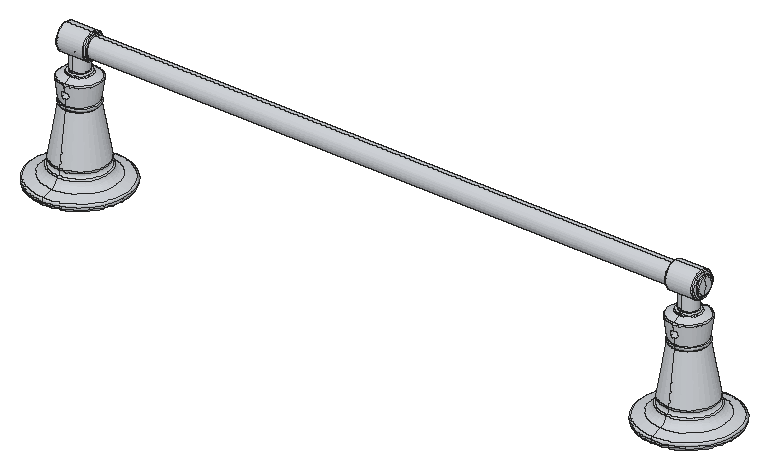
Revit family "Accessory-Towel_Bar-KOHLER-Archer-K-11050", category Specialty Equipment, host Face, Revit 2015
Parameters (values of type "CP-Polished Chrome")
  Width = 4 1/8"  # constant formula
  WaterSense Certified = 1 = 0  # no
  URL = "https://www.us.kohler.com/us/"
  Type = 1
  Product Page URL = "http://www.us.kohler.com/us/catalog/productDetails.jsp?productNumber=11050"
  Product Name = "Archer"  # constant formula
  Product Documentation Link = "https://www.us.kohler.com/webassets/kpna/catalog/pdf/en/K-11050_spec.pdf"
  Model = if(Type = 1, "K-11050-CP", if(Type = 2, "K-11050-BN", "NA"))  # "K-11050-CP"
  Material = "Premium Metal Construction"  # constant formula
  MasterFormat 2004 = "10.28.13"  # constant formula
  MasterFormat 1995 = "10820"  # constant formula
  Manufacturer Address = "444 Highland Dr, Kohler, WI 53044"  # constant formula
  Manufacturer = "KOHLER Co."  # constant formula
  Length = 20 3/4"  # constant formula
  Height = 2 3/4"  # constant formula
  Finish = Kohler-Metal-CP-Polished_Chrome
  Environmental Product Declaration = ""
  Description = "18 inch towel bar"  # constant formula
  Default Elevation = 42"
  Declare Label = ""
  Date Modified = "05/16/2019"  # constant formula
  Date Created = "05/16/2019"  # constant formula
  Copyright = "Copyright KOHLER Co."  # constant formula
  Contact Us = "https://www.us.kohler.com/us/static/contact.jsp"
  Assembly Code = "C1030200"
  ADA Compliant = 1 = 0  # no
Reference planes (in)
  plane 1 "Center (Front/Back)": y = 0
  plane 2: z = 0
  plane 3 "Center (Left/Right)": x = 0
  plane 4: x = -9
  plane 5: x = 9
  plane 6: y = 1.375
  plane 7: y = -1.375
  plane 8: x = -10.375
  plane 9: z = 3.74703
  plane 10: z = 4.125
  plane 11: x = -7.625
  plane 12: x = 10.375
  plane 13: x = 7.625
Dimensions and locks (in)
  equal spacing: plane 6, plane 1 "Center (Front/Back)", plane 7
  locked: plane 11 to plane 8 at 2.75
  locked: plane 12 to plane 13 at 2.75
  "Length": plane 8 to plane 12
  "Height": plane 6 to plane 7
  "Width": plane 10 to plane 2
  locked: plane 5 to plane 4 at 18
  aligned and locked: plane 2 to host face
  aligned and locked: level to host face
  aligned and locked: plane 5 to nested 1
Automatic sketch dimensions
  host sketch curve to host sketch curve = 96"  (x2)
Nested families (in)
  nested 1: "K-11050" at (0, 0, 0), type "K-11050"
Definition of nested family "K-11050"
  Parameters (values of type "K-11050")
    Width [instance] = 18"
    Material = none
  Reference planes (in)
    plane 1 "Center (Front/Back)": y = 0
    plane 2: z = 0
    plane 3 "Center (Left/Right)": x = 0
    plane 4 "A": x = -9
    plane 5: y = 1.375
    plane 6: y = -1.375
    plane 7: x = -10.375
    plane 8: x = -7.625
    plane 9: z = 4.125
    plane 10: z = 3.74703
    plane 11: x = -8.55522
    plane 12: x = 9
    plane 13: y = 0.29687
    plane 14: y = -0.29688
    plane 15: x = 10.375
    plane 16: x = 7.625
    plane 17: x = 8.55522
  Forms (in)
    Revolve 1, solid, material <- "Material", detail levels medium+fine
      sketch origin (-9, 0, 0) x (0, 1, 0) y (0, 0, 1)
        loop
          line (0, 3.70228) -> (-0.09479, 3.70228) -> (-0.09479, 3.49716) -> (-0.25004, 3.49716) -> (-0.25004, 3.03086)
          arc (-0.25004, 3.03086) -> (-0.24398, 3.01622) -> (-0.22934, 3.01016) r 0.0207
          line (-0.22934, 3.01016) -> (-0.28585, 3.01016)
          arc (-0.28585, 3.01016) -> (-0.31048, 2.99911) -> (-0.31859, 2.97336) r 0.03297
          arc (-0.31859, 2.97336) -> (-0.32295, 2.95237) -> (-0.33903, 2.93819) r 0.03392
          line (-0.33903, 2.93819) -> (-0.56211, 2.8435)
          arc (-0.56211, 2.8435) -> (-0.57586, 2.83122) -> (-0.5793, 2.81311) r 0.02868
          line (-0.5793, 2.81311) -> (-0.50051, 2.25249)
          arc (-0.50051, 2.25249) -> (-0.50285, 2.23336) -> (-0.51441, 2.21795) r 0.03732
          arc (-0.51441, 2.21795) -> (-0.529, 2.18778) -> (-0.51414, 2.15774) r 0.03815
          arc (-0.51414, 2.15774) -> (-0.50392, 2.14406) -> (-0.50226, 2.12708) r 0.03175
          line (-0.50226, 2.12708) -> (-0.75524, 0.69233)
          arc (-0.75524, 0.69233) -> (-0.75461, 0.67479) -> (-0.74684, 0.65904) r 0.04193
          arc (-0.74684, 0.65904) -> (-0.72637, 0.57462) -> (-0.7772, 0.50418) r 0.10386
          arc (-0.7772, 0.50418) -> (-0.79925, 0.50431) -> (-0.81335, 0.48735) r 0.02581
          arc (-0.81335, 0.48735) -> (-0.89129, 0.34652) -> (-1.0278, 0.26123) r 0.32097
          line (-1.0278, 0.26123) -> (-1.33626, 0.16413)
          arc (-1.33626, 0.16413) -> (-1.36785, 0.13912) -> (-1.37477, 0.09943) r 0.05652
          line (-1.37477, 0.09943) -> (-1.35998, 0.02338)
          arc (-1.35998, 0.02338) -> (-1.35, 0.0066) -> (-1.33163, 0) r 0.02889
          line (-1.33163, 0) -> (0, 0) -> (0, 3.70228)
        axis (0, 3.70228) -> (0, 0)
      angle from 0 to 360
    Revolve 2, void
      sketch origin (-9, 0, 0) x (0, 1, 0) y (0, 0, 1)
        loop
          line (-0.24647, 2.53048) -> (-0.24647, 2.64305) -> (-0.58909, 2.64305) -> (-0.58909, 2.53048) -> (-0.24647, 2.53048)
        axis (-0.24647, 2.53048) -> (-0.58909, 2.53048)
      angle from 0 to 360
    Revolve 3, solid, material <- "Material", detail levels medium+fine
      sketch origin (0, 0, 0) x (1, 0, 0) y (0, 0, 1)
        loop
          arc (-9.37388, 4.125) -> (-9.39146, 4.12126) -> (-9.40601, 4.11069) r 0.04324
          line (-9.40601, 4.11069) -> (-9.42816, 4.08609)
          arc (-9.42816, 4.08609) -> (-9.43959, 4.06497) -> (-9.4401, 4.04097) r 0.05109
          arc (-9.4401, 4.04097) -> (-9.44345, 4.02158) -> (-9.45939, 4.01005) r 0.02608
          arc (-9.45939, 4.01005) -> (-9.47496, 4.00049) -> (-9.48203, 3.98365) r 0.02983
          arc (-9.48203, 3.98365) -> (-9.4896, 3.86545) -> (-9.49179, 3.74703) r 2.60877
          line (-9.49179, 3.74703) -> (-8.55522, 3.74703) -> (-8.55522, 4.05408)
          arc (-8.55522, 4.05408) -> (-8.55823, 4.0703) -> (-8.56684, 4.08436) r 0.04525
          line (-8.56684, 4.08436) -> (-8.59157, 4.11183)
          arc (-8.59157, 4.11183) -> (-8.60497, 4.12156) -> (-8.62116, 4.125) r 0.03981
          line (-8.62116, 4.125) -> (-9.37388, 4.125)
        axis (-9.49179, 3.74703) -> (-8.55522, 3.74703)
      angle from 0 to 360
    Revolve 4, solid, material <- "Material", detail levels coarse
      sketch origin (0, 0, 0) x (1, 0, 0) y (0, 0, 1)
        loop
          line (-9, 0) -> (-7.625, 0) -> (-7.625, 0.14499) -> (-8.2228, 0.50418) -> (-8.40494, 3.01016) -> (-8.75, 3.01016) -> (-8.75, 3.66981) -> (-9, 3.66981) -> (-9, 0)
        axis (-9, 3.66981) -> (-9, 0)
      angle from 0 to 360
    Extrusion 5, solid, material <- "Material", detail levels coarse
      sketch origin (0, 0, 0) x (0, 1, 0) y (0, 0, 1)
        loop
          circle (0, 3.74703) r 0.37921
      from -9.49665 to -8.551
    Revolve 6, solid, material <- "Material", detail levels medium+fine
      sketch origin (9, 0, 0) x (0, 1, 0) y (0, 0, -1)
        loop
          line (0, -3.70228) -> (0, 0) -> (-1.33163, 0)
          arc (-1.33163, 0) -> (-1.35, -0.0066) -> (-1.35998, -0.02338) r 0.02889
          line (-1.35998, -0.02338) -> (-1.37477, -0.09943)
          arc (-1.37477, -0.09943) -> (-1.36785, -0.13912) -> (-1.33626, -0.16413) r 0.05652
          line (-1.33626, -0.16413) -> (-1.0278, -0.26123)
          arc (-1.0278, -0.26123) -> (-0.89129, -0.34652) -> (-0.81335, -0.48735) r 0.32097
          arc (-0.81335, -0.48735) -> (-0.79925, -0.50431) -> (-0.7772, -0.50418) r 0.02581
          arc (-0.7772, -0.50418) -> (-0.72637, -0.57462) -> (-0.74684, -0.65904) r 0.10386
          arc (-0.74684, -0.65904) -> (-0.75461, -0.67479) -> (-0.75524, -0.69233) r 0.04193
          line (-0.75524, -0.69233) -> (-0.50226, -2.12708)
          arc (-0.50226, -2.12708) -> (-0.50392, -2.14406) -> (-0.51414, -2.15774) r 0.03175
          arc (-0.51414, -2.15774) -> (-0.529, -2.18778) -> (-0.51441, -2.21795) r 0.03815
          arc (-0.51441, -2.21795) -> (-0.50285, -2.23336) -> (-0.50051, -2.25249) r 0.03732
          line (-0.50051, -2.25249) -> (-0.5793, -2.81311)
          arc (-0.5793, -2.81311) -> (-0.57586, -2.83122) -> (-0.56211, -2.8435) r 0.02868
          line (-0.56211, -2.8435) -> (-0.33903, -2.93819)
          arc (-0.33903, -2.93819) -> (-0.32295, -2.95237) -> (-0.31859, -2.97336) r 0.03392
          arc (-0.31859, -2.97336) -> (-0.31048, -2.99911) -> (-0.28585, -3.01016) r 0.03297
          line (-0.28585, -3.01016) -> (-0.22934, -3.01016)
          arc (-0.22934, -3.01016) -> (-0.24398, -3.01622) -> (-0.25004, -3.03086) r 0.0207
          line (-0.25004, -3.03086) -> (-0.25004, -3.49716) -> (-0.09479, -3.49716) -> (-0.09479, -3.70228) -> (0, -3.70228)
        axis (0, -3.70228) -> (0, 0)
      angle from 0 to 360
    Revolve 7, void
      sketch origin (9, 0, 0) x (0, 1, 0) y (0, 0, -1)
        loop
          line (-0.24647, -2.53048) -> (-0.58909, -2.53048) -> (-0.58909, -2.64305) -> (-0.24647, -2.64305) -> (-0.24647, -2.53048)
        axis (-0.24647, -2.53048) -> (-0.58909, -2.53048)
      angle from 0 to 360
    Revolve 8, solid, material <- "Material", detail levels medium+fine
      sketch origin (0, 0, 0) x (-1, 0, 0) y (0, 0, 1)
        loop
          arc (-9.37388, 4.125) -> (-9.39146, 4.12126) -> (-9.40601, 4.11069) r 0.04324
          line (-9.40601, 4.11069) -> (-9.42816, 4.08609)
          arc (-9.42816, 4.08609) -> (-9.43959, 4.06497) -> (-9.4401, 4.04097) r 0.05109
          arc (-9.4401, 4.04097) -> (-9.44345, 4.02158) -> (-9.45939, 4.01005) r 0.02608
          arc (-9.45939, 4.01005) -> (-9.47496, 4.00049) -> (-9.48203, 3.98365) r 0.02983
          arc (-9.48203, 3.98365) -> (-9.4896, 3.86545) -> (-9.49179, 3.74703) r 2.60877
          line (-9.49179, 3.74703) -> (-8.55522, 3.74703) -> (-8.55522, 4.05408)
          arc (-8.55522, 4.05408) -> (-8.55823, 4.0703) -> (-8.56684, 4.08436) r 0.04525
          line (-8.56684, 4.08436) -> (-8.59157, 4.11183)
          arc (-8.59157, 4.11183) -> (-8.60497, 4.12156) -> (-8.62116, 4.125) r 0.03981
          line (-8.62116, 4.125) -> (-9.37388, 4.125)
        axis (-9.49179, 3.74703) -> (-8.55522, 3.74703)
      angle from 0 to 360
    Revolve 9, solid, material <- "Material", detail levels coarse
      sketch origin (0, 0, 0) x (-1, 0, 0) y (0, 0, 1)
        loop
          line (-9, 0) -> (-7.625, 0) -> (-7.625, 0.14499) -> (-8.2228, 0.50418) -> (-8.40494, 3.01016) -> (-8.75, 3.01016) -> (-8.75, 3.66981) -> (-9, 3.66981) -> (-9, 0)
        axis (-9, 3.66981) -> (-9, 0)
      angle from 0 to 360
    Extrusion 10, solid, material <- "Material", detail levels coarse
      sketch origin (0, 0, 0) x (0, 1, 0) y (0, 0, -1)
        loop
          circle (0, -3.74703) r 0.37921
      from -9.49665 to -8.551
    Revolve 11, solid, material <- "Material"
      sketch origin (0.00007, 0, 0.00218) x (1, 0, 0) y (0, 0, 1)
        loop
          line (-9, 4.0424) -> (-9, 3.74703) -> (9, 3.74703) -> (9, 4.0424) -> (-9, 4.0424)
        axis (-9, 3.74703) -> (9, 3.74703)
      angle from 0 to 360
  Cuts and joins
    Revolve 2, Revolve 7 cuts Revolve 1
    Revolve 7 cuts Revolve 3
    joined: Revolve 1, Revolve 3
    Revolve 7 cuts Revolve 4
    Revolve 7 cuts Extrusion 5
    joined: Revolve 4, Extrusion 5
    Revolve 7 cuts Revolve 6
  Lines and regions (in)
    Masking region 1
      outline origin (9, 0, 0) x (0, 1, 0) y (0, 0, 1)
        loop
          line (-0.50226, 2.12708) -> (-0.7537, 0.70107)
          arc (-0.7537, 0.70107) -> (-0.75316, 0.67665) -> (-0.7433, 0.6543) r 0.0625
          arc (-0.7433, 0.6543) -> (-0.72698, 0.57173) -> (-0.7772, 0.50418) r 0.10386
          arc (-0.7772, 0.50418) -> (-0.80142, 0.49766) -> (-0.8161, 0.47733) r 0.03748
          arc (-0.8161, 0.47733) -> (-0.89489, 0.34278) -> (-1.0278, 0.26123) r 0.32097
          line (-1.0278, 0.26123) -> (-1.33933, 0.16316)
          arc (-1.33933, 0.16316) -> (-1.36236, 0.14497) -> (-1.375, 0.11848) r 0.06474
          line (-1.375, 0.11848) -> (-1.375, 0.08586) -> (-1.36194, 0.02338)
          arc (-1.36194, 0.02338) -> (-1.35195, 0.0066) -> (-1.33358, 0) r 0.02889
          line (-1.33358, 0) -> (1.33358, 0)
          arc (1.33358, 0) -> (1.35195, 0.0066) -> (1.36194, 0.02338) r 0.02889
          line (1.36194, 0.02338) -> (1.375, 0.08586) -> (1.375, 0.11848)
          arc (1.375, 0.11848) -> (1.35953, 0.14828) -> (1.33121, 0.16633) r 0.06474
          line (1.33121, 0.16633) -> (1.02798, 0.26179)
          arc (1.02798, 0.26179) -> (0.89555, 0.34284) -> (0.81667, 0.47657) r 0.32097
          arc (0.81667, 0.47657) -> (0.80158, 0.49748) -> (0.77676, 0.50444) r 0.03906
          arc (0.77676, 0.50444) -> (0.72689, 0.57215) -> (0.7435, 0.65459) r 0.10386
          arc (0.7435, 0.65459) -> (0.75325, 0.67652) -> (0.7538, 0.70052) r 0.06114
          line (0.7538, 0.70052) -> (0.50226, 2.12708)
          arc (0.50226, 2.12708) -> (0.50392, 2.14406) -> (0.51414, 2.15774) r 0.03175
          arc (0.51414, 2.15774) -> (0.529, 2.18778) -> (0.51441, 2.21795) r 0.03815
          arc (0.51441, 2.21795) -> (0.50285, 2.23336) -> (0.50051, 2.25249) r 0.03732
          line (0.50051, 2.25249) -> (0.5793, 2.81311)
          arc (0.5793, 2.81311) -> (0.57586, 2.83122) -> (0.56211, 2.8435) r 0.02868
          line (0.56211, 2.8435) -> (0.33903, 2.93819)
          arc (0.33903, 2.93819) -> (0.32295, 2.95237) -> (0.31859, 2.97336) r 0.03392
          arc (0.31859, 2.97336) -> (0.31048, 2.99911) -> (0.28585, 3.01016) r 0.03297
          line (0.28585, 3.01016) -> (0.22934, 3.01016)
          arc (0.22934, 3.01016) -> (0.24398, 3.01622) -> (0.25004, 3.03086) r 0.0207
          line (0.25004, 3.03086) -> (0.25004, 3.46235)
          arc (0.25004, 3.46235) -> (-0.0001, 4.12537) -> (-0.25004, 3.46227) r 0.37868
          line (-0.25004, 3.46227) -> (-0.25004, 3.03086)
          arc (-0.25004, 3.03086) -> (-0.24398, 3.01622) -> (-0.22934, 3.01016) r 0.0207
          line (-0.22934, 3.01016) -> (-0.28585, 3.01016)
          arc (-0.28585, 3.01016) -> (-0.31048, 2.99911) -> (-0.31859, 2.97336) r 0.03297
          arc (-0.31859, 2.97336) -> (-0.32295, 2.95237) -> (-0.33903, 2.93819) r 0.03392
          line (-0.33903, 2.93819) -> (-0.56211, 2.8435)
          arc (-0.56211, 2.8435) -> (-0.57586, 2.83122) -> (-0.5793, 2.81311) r 0.02868
          line (-0.5793, 2.81311) -> (-0.50051, 2.25249)
          arc (-0.50051, 2.25249) -> (-0.50285, 2.23336) -> (-0.51441, 2.21795) r 0.03732
          arc (-0.51441, 2.21795) -> (-0.529, 2.18778) -> (-0.51414, 2.15774) r 0.03815
          arc (-0.51414, 2.15774) -> (-0.50392, 2.14406) -> (-0.50226, 2.12708) r 0.03175
    Masking region 2
      outline origin (0, 0, 0) x (1, 0, 0) y (0, 0, 1)
        loop
          arc (-8.49767, 2.12708) -> (-8.49601, 2.14406) -> (-8.48579, 2.15774) r 0.03175
          arc (-8.48579, 2.15774) -> (-8.47093, 2.18778) -> (-8.48552, 2.21795) r 0.03815
          arc (-8.48552, 2.21795) -> (-8.49708, 2.23336) -> (-8.49942, 2.25249) r 0.03732
          line (-8.49942, 2.25249) -> (-8.42063, 2.81311)
          arc (-8.42063, 2.81311) -> (-8.42407, 2.83122) -> (-8.43782, 2.8435) r 0.02868
          line (-8.43782, 2.8435) -> (-8.6609, 2.93819)
          arc (-8.6609, 2.93819) -> (-8.67697, 2.95237) -> (-8.68134, 2.97336) r 0.03392
          arc (-8.68134, 2.97336) -> (-8.68945, 2.99911) -> (-8.71408, 3.01016) r 0.03297
          line (-8.71408, 3.01016) -> (-8.77059, 3.01016)
          arc (-8.77059, 3.01016) -> (-8.75595, 3.01622) -> (-8.74989, 3.03086) r 0.0207
          line (-8.74989, 3.03086) -> (-8.74989, 3.36905) -> (-8.62116, 3.36905)
          arc (-8.62116, 3.36905) -> (-8.60497, 3.37249) -> (-8.59157, 3.38223) r 0.03981
          line (-8.59157, 3.38223) -> (-8.56684, 3.40969)
          arc (-8.56684, 3.40969) -> (-8.55645, 3.42951) -> (-8.55682, 3.45188) r 0.04525
          line (-8.55682, 3.45188) -> (8.55682, 3.45188)
          arc (8.55682, 3.45188) -> (8.55645, 3.42951) -> (8.56684, 3.40969) r 0.04525
          line (8.56684, 3.40969) -> (8.59157, 3.38223)
          arc (8.59157, 3.38223) -> (8.60497, 3.37249) -> (8.62116, 3.36905) r 0.03981
          line (8.62116, 3.36905) -> (8.74989, 3.36905) -> (8.74989, 3.03086)
          arc (8.74989, 3.03086) -> (8.75595, 3.01622) -> (8.77059, 3.01016) r 0.0207
          line (8.77059, 3.01016) -> (8.71408, 3.01016)
          arc (8.71408, 3.01016) -> (8.68945, 2.99911) -> (8.68134, 2.97336) r 0.03297
          arc (8.68134, 2.97336) -> (8.67697, 2.95237) -> (8.6609, 2.93819) r 0.03392
          line (8.6609, 2.93819) -> (8.43782, 2.8435)
          arc (8.43782, 2.8435) -> (8.42407, 2.83122) -> (8.42063, 2.81311) r 0.02868
          line (8.42063, 2.81311) -> (8.49942, 2.25249)
          arc (8.49942, 2.25249) -> (8.49708, 2.23336) -> (8.48552, 2.21795) r 0.03732
          arc (8.48552, 2.21795) -> (8.47093, 2.18778) -> (8.48579, 2.15774) r 0.03815
          arc (8.48579, 2.15774) -> (8.49601, 2.14406) -> (8.49767, 2.12708) r 0.03175
          line (8.49767, 2.12708) -> (8.24623, 0.70107)
          arc (8.24623, 0.70107) -> (8.24677, 0.67665) -> (8.25663, 0.6543) r 0.0625
          arc (8.25663, 0.6543) -> (8.27294, 0.57173) -> (8.22273, 0.50418) r 0.10386
          arc (8.22273, 0.50418) -> (8.19884, 0.49874) -> (8.18431, 0.47901) r 0.03516
          arc (8.18431, 0.47901) -> (8.10565, 0.3434) -> (7.97213, 0.26123) r 0.32097
          line (7.97213, 0.26123) -> (7.6606, 0.16316)
          arc (7.6606, 0.16316) -> (7.63767, 0.1451) -> (7.625, 0.1188) r 0.06474
          line (7.625, 0.1188) -> (7.625, 0.08552) -> (7.63799, 0.02338)
          arc (7.63799, 0.02338) -> (7.64798, 0.0066) -> (7.66635, 0) r 0.02889
          line (7.66635, 0) -> (10.33351, 0)
          arc (10.33351, 0) -> (10.35188, 0.0066) -> (10.36186, 0.02338) r 0.02889
          line (10.36186, 0.02338) -> (10.375, 0.0862) -> (10.375, 0.11815)
          arc (10.375, 0.11815) -> (10.35957, 0.14816) -> (10.33114, 0.16633) r 0.06474
          line (10.33114, 0.16633) -> (10.02791, 0.26179)
          arc (10.02791, 0.26179) -> (9.89394, 0.34442) -> (9.81537, 0.48082) r 0.32097
          arc (9.81537, 0.48082) -> (9.80066, 0.50021) -> (9.77669, 0.50444) r 0.03333
          arc (9.77669, 0.50444) -> (9.72682, 0.57213) -> (9.74341, 0.65455) r 0.10386
          arc (9.74341, 0.65455) -> (9.75317, 0.67654) -> (9.75372, 0.70059) r 0.06132
          line (9.75372, 0.70059) -> (9.50219, 2.12708)
          arc (9.50219, 2.12708) -> (9.50385, 2.14406) -> (9.51407, 2.15774) r 0.03175
          arc (9.51407, 2.15774) -> (9.52892, 2.18778) -> (9.51434, 2.21795) r 0.03815
          arc (9.51434, 2.21795) -> (9.50278, 2.23336) -> (9.50044, 2.25249) r 0.03732
          line (9.50044, 2.25249) -> (9.57923, 2.81311)
          arc (9.57923, 2.81311) -> (9.57579, 2.83122) -> (9.56203, 2.8435) r 0.02868
          line (9.56203, 2.8435) -> (9.33896, 2.93819)
          arc (9.33896, 2.93819) -> (9.32288, 2.95237) -> (9.31852, 2.97336) r 0.03392
          arc (9.31852, 2.97336) -> (9.31041, 2.99911) -> (9.28578, 3.01016) r 0.03297
          line (9.28578, 3.01016) -> (9.22927, 3.01016)
          arc (9.22927, 3.01016) -> (9.24391, 3.01622) -> (9.24997, 3.03086) r 0.0207
          line (9.24997, 3.03086) -> (9.24997, 3.36905) -> (9.37388, 3.36905)
          arc (9.37388, 3.36905) -> (9.39146, 3.37279) -> (9.40601, 3.38336) r 0.04324
          line (9.40601, 3.38336) -> (9.42816, 3.40797)
          arc (9.42816, 3.40797) -> (9.43959, 3.42908) -> (9.4401, 3.45308) r 0.05109
          arc (9.4401, 3.45308) -> (9.44345, 3.47247) -> (9.45939, 3.484) r 0.02608
          arc (9.45939, 3.484) -> (9.47807, 3.49794) -> (9.48103, 3.52105) r 0.02983
          arc (9.48103, 3.52105) -> (9.49181, 3.75233) -> (9.48203, 3.98365) r 2.60877
          arc (9.48203, 3.98365) -> (9.47496, 4.00049) -> (9.45939, 4.01005) r 0.02983
          arc (9.45939, 4.01005) -> (9.44345, 4.02158) -> (9.4401, 4.04097) r 0.02608
          arc (9.4401, 4.04097) -> (9.43959, 4.06497) -> (9.42816, 4.08609) r 0.05109
          line (9.42816, 4.08609) -> (9.40601, 4.11069)
          arc (9.40601, 4.11069) -> (9.39146, 4.12126) -> (9.37388, 4.125) r 0.04324
          line (9.37388, 4.125) -> (8.62116, 4.125)
          arc (8.62116, 4.125) -> (8.60497, 4.12156) -> (8.59157, 4.11183) r 0.03981
          line (8.59157, 4.11183) -> (8.56684, 4.08436)
          arc (8.56684, 4.08436) -> (8.5573, 4.06765) -> (8.55557, 4.04849) r 0.04525
          line (8.55557, 4.04849) -> (-8.55557, 4.04849)
          arc (-8.55557, 4.04849) -> (-8.5573, 4.06765) -> (-8.56684, 4.08436) r 0.04525
          line (-8.56684, 4.08436) -> (-8.59157, 4.11183)
          arc (-8.59157, 4.11183) -> (-8.60497, 4.12156) -> (-8.62116, 4.125) r 0.03981
          line (-8.62116, 4.125) -> (-9.37388, 4.125)
          arc (-9.37388, 4.125) -> (-9.39146, 4.12126) -> (-9.40601, 4.11069) r 0.04324
          line (-9.40601, 4.11069) -> (-9.42816, 4.08609)
          arc (-9.42816, 4.08609) -> (-9.43959, 4.06497) -> (-9.4401, 4.04097) r 0.05109
          arc (-9.4401, 4.04097) -> (-9.44345, 4.02158) -> (-9.45939, 4.01005) r 0.02608
          arc (-9.45939, 4.01005) -> (-9.47496, 4.00049) -> (-9.48203, 3.98365) r 0.02983
          arc (-9.48203, 3.98365) -> (-9.49181, 3.75233) -> (-9.48103, 3.52105) r 2.60877
          arc (-9.48103, 3.52105) -> (-9.47807, 3.49794) -> (-9.45939, 3.484) r 0.02983
          arc (-9.45939, 3.484) -> (-9.44345, 3.47247) -> (-9.4401, 3.45308) r 0.02608
          arc (-9.4401, 3.45308) -> (-9.43959, 3.42908) -> (-9.42816, 3.40797) r 0.05109
          line (-9.42816, 3.40797) -> (-9.40601, 3.38336)
          arc (-9.40601, 3.38336) -> (-9.39146, 3.37279) -> (-9.37388, 3.36905) r 0.04324
          line (-9.37388, 3.36905) -> (-9.24997, 3.36905) -> (-9.24997, 3.03086)
          arc (-9.24997, 3.03086) -> (-9.24391, 3.01622) -> (-9.22927, 3.01016) r 0.0207
          line (-9.22927, 3.01016) -> (-9.28578, 3.01016)
          arc (-9.28578, 3.01016) -> (-9.31041, 2.99911) -> (-9.31852, 2.97336) r 0.03297
          arc (-9.31852, 2.97336) -> (-9.32288, 2.95237) -> (-9.33896, 2.93819) r 0.03392
          line (-9.33896, 2.93819) -> (-9.56203, 2.8435)
          arc (-9.56203, 2.8435) -> (-9.57579, 2.83122) -> (-9.57923, 2.81311) r 0.02868
          line (-9.57923, 2.81311) -> (-9.50044, 2.25249)
          arc (-9.50044, 2.25249) -> (-9.50278, 2.23336) -> (-9.51434, 2.21795) r 0.03732
          arc (-9.51434, 2.21795) -> (-9.52892, 2.18778) -> (-9.51407, 2.15774) r 0.03815
          arc (-9.51407, 2.15774) -> (-9.50385, 2.14406) -> (-9.50219, 2.12708) r 0.03175
          line (-9.50219, 2.12708) -> (-9.75372, 0.70059)
          arc (-9.75372, 0.70059) -> (-9.75317, 0.67654) -> (-9.74341, 0.65455) r 0.06132
          arc (-9.74341, 0.65455) -> (-9.72682, 0.57213) -> (-9.77669, 0.50444) r 0.10386
          arc (-9.77669, 0.50444) -> (-9.80066, 0.50021) -> (-9.81537, 0.48082) r 0.03333
          arc (-9.81537, 0.48082) -> (-9.89394, 0.34442) -> (-10.02791, 0.26179) r 0.32097
          line (-10.02791, 0.26179) -> (-10.33114, 0.16633)
          arc (-10.33114, 0.16633) -> (-10.35957, 0.14816) -> (-10.375, 0.11815) r 0.06474
          line (-10.375, 0.11815) -> (-10.375, 0.0862) -> (-10.36186, 0.02338)
          arc (-10.36186, 0.02338) -> (-10.35188, 0.0066) -> (-10.33351, 0) r 0.02889
          line (-10.33351, 0) -> (-7.66635, 0)
          arc (-7.66635, 0) -> (-7.64798, 0.0066) -> (-7.63799, 0.02338) r 0.02889
          line (-7.63799, 0.02338) -> (-7.625, 0.08552) -> (-7.625, 0.1188)
          arc (-7.625, 0.1188) -> (-7.63767, 0.1451) -> (-7.6606, 0.16316) r 0.06474
          line (-7.6606, 0.16316) -> (-7.97213, 0.26123)
          arc (-7.97213, 0.26123) -> (-8.10565, 0.3434) -> (-8.18431, 0.47901) r 0.32097
          arc (-8.18431, 0.47901) -> (-8.19884, 0.49874) -> (-8.22273, 0.50418) r 0.03516
          arc (-8.22273, 0.50418) -> (-8.27294, 0.57173) -> (-8.25663, 0.6543) r 0.10386
          arc (-8.25663, 0.6543) -> (-8.24677, 0.67665) -> (-8.24623, 0.70107) r 0.0625
          line (-8.24623, 0.70107) -> (-8.49767, 2.12708)
    Masking region 3
      outline origin (0, 0, 0) x (1, 0, 0) y (0, 1, 0)
        loop
          arc (-10.375, -0.09557) -> (-9.97462, -0.97462) -> (-9.09557, -1.375) r 1.37832
          line (-9.09557, -1.375) -> (-8.90443, -1.375)
          arc (-8.90443, -1.375) -> (-8.09995, -1.04387) -> (-7.65403, -0.29688) r 1.37832
          line (-7.65403, -0.29688) -> (7.65403, -0.29688)
          arc (7.65403, -0.29688) -> (8.09995, -1.04387) -> (8.90443, -1.375) r 1.37832
          line (8.90443, -1.375) -> (9.09557, -1.375)
          arc (9.09557, -1.375) -> (9.97462, -0.97462) -> (10.375, -0.09557) r 1.37832
          line (10.375, -0.09557) -> (10.375, 0.09557)
          arc (10.375, 0.09557) -> (9.97462, 0.97462) -> (9.09557, 1.375) r 1.37832
          line (9.09557, 1.375) -> (8.90443, 1.375)
          arc (8.90443, 1.375) -> (8.09995, 1.04387) -> (7.65403, 0.29687) r 1.37832
          line (7.65403, 0.29687) -> (-7.65403, 0.29687)
          arc (-7.65403, 0.29687) -> (-8.09995, 1.04387) -> (-8.90443, 1.375) r 1.37832
          line (-8.90443, 1.375) -> (-9.09557, 1.375)
          arc (-9.09557, 1.375) -> (-9.97462, 0.97462) -> (-10.375, 0.09557) r 1.37832
          line (-10.375, 0.09557) -> (-10.375, -0.09557)
    symbolic lines, detail levels medium+fine
      curve 1: arc (-9.24997, 0, 3.36905) -> (-8.99993, 0, 3.45383) -> (-8.74989, 0, 3.36905) r 0.41111
      curve 2: line (-9.22934, 0, 3.01016) -> (-8.77059, 0, 3.01016)
      curve 3: line (-9.77669, 0, 0.50444) -> (-8.22273, 0, 0.50418)
      curve 4: line (-9.74341, 0, 0.65455) -> (-8.25663, 0, 0.6543)
      curve 5: line (-9.56203, 0, 2.8435) -> (-8.43782, 0, 2.8435)
      curve 6: line (-9.51434, 0, 2.21795) -> (-8.48552, 0, 2.21795)
      curve 7: line (-9.51407, 0, 2.15774) -> (-8.48579, 0, 2.15774)
      curve 8: line (-10.33776, 0, 0.16343) -> (-7.66146, 0, 0.16343)
      curve 9: line (-9.44345, 0, 4.02158) -> (-9.44345, 0, 3.47247)
      curve 10: line (9, 0.22934, 3.01016) -> (9, -0.22934, 3.01016)
      curve 11: line (9, 0.51441, 2.21795) -> (9, -0.51441, 2.21795)
      curve 12: line (9, 0.51414, 2.15774) -> (9, -0.51414, 2.15774)
      curve 13: line (9, 0.7435, 0.65459) -> (9, -0.7433, 0.6543)
      curve 14: line (9, 0.77676, 0.50444) -> (9, -0.7772, 0.50418)
      curve 15: line (9, 1.33755, 0.16343) -> (9, -1.33847, 0.16343)
      curve 16: line (9, 0.56211, 2.8435) -> (9, -0.56211, 2.8435)
      curve 17: arc (9, 0.25004, 3.46194) -> (9, 0, 3.37185) -> (9, -0.25004, 3.46194) r 0.39205
      curve 18: circle (9, 0, 3.74703) r 0.26378 normal (-1, 0, 0)
      curve 19: circle (9, 0, 3.74703) r 0.29555 normal (-1, 0, 0)
      curve 20: line (-9.3751, 0.37794, 0) -> (-8.61863, 0.37794, 0)
      curve 21: line (-8.59464, 0.36751, 0) -> (-8.57073, 0.34187, 0)
      curve 22: line (-8.55515, 0.30232, 0) -> (-8.55515, -0.30232, 0)
      curve 23: line (-9.44154, 0.30308, 0) -> (-9.44154, 0.26535, 0)
      curve 24: arc (-9.48327, 0.23375, 0) -> (-9.49284, -0.00214, 0) -> (-9.48266, -0.238, 0) r 2.82238
      curve 25: arc (-9.44154, 0.26535, 0) -> (-9.46946, 0.25887, 0) -> (-9.48327, 0.23375, 0) r 0.03514
      curve 26: line (-9.42728, 0.34023, 0) -> (-9.40551, 0.3644, 0)
      curve 27: arc (-9.42728, 0.34023, 0) -> (-9.43785, 0.32298, 0) -> (-9.44154, 0.30308, 0) r 0.05552
      curve 28: arc (-9.40551, 0.3644, 0) -> (-9.39175, 0.3744, 0) -> (-9.3751, 0.37794, 0) r 0.04092
      curve 29: arc (-8.50271, 0.29687, 0) -> (-9.57916, 0, 0) -> (-8.50271, -0.29688, 0) r 0.57916
      curve 30: arc (-8.28173, 0.29687, 0) -> (-9.7772, 0, 0) -> (-8.28173, -0.29688, 0) r 0.7772
      curve 31: arc (-8.61863, 0.37794, 0) -> (-8.60555, 0.37522, 0) -> (-8.59464, 0.36751, 0) r 0.03281
      curve 32: arc (-8.57073, 0.34187, 0) -> (-8.55919, 0.32358, 0) -> (-8.55515, 0.30232, 0) r 0.05799
      curve 33: line (-9.3751, -0.37794, 0) -> (-8.61863, -0.37794, 0)
      curve 34: line (-8.59464, -0.36751, 0) -> (-8.57073, -0.34187, 0)
      curve 35: line (-9.44154, -0.30308, 0) -> (-9.44154, -0.26535, 0)
      curve 36: arc (-9.44154, -0.26535, 0) -> (-9.46771, -0.26011, 0) -> (-9.48266, -0.238, 0) r 0.03514
      curve 37: line (-9.42728, -0.34023, 0) -> (-9.40551, -0.3644, 0)
      curve 38: arc (-9.42728, -0.34023, 0) -> (-9.43785, -0.32298, 0) -> (-9.44154, -0.30308, 0) r 0.05552
      curve 39: arc (-9.40551, -0.3644, 0) -> (-9.39175, -0.3744, 0) -> (-9.3751, -0.37794, 0) r 0.04092
      curve 40: arc (-8.61863, -0.37794, 0) -> (-8.60555, -0.37522, 0) -> (-8.59464, -0.36751, 0) r 0.03281
      curve 41: arc (-8.57073, -0.34187, 0) -> (-8.55919, -0.32358, 0) -> (-8.55515, -0.30232, 0) r 0.05799
      curve 42: arc (-8.25109, 0.29687, 0) -> (-9.81471, 0, 0) -> (-8.25109, -0.29688, 0) r 0.80999
      curve 43: line (-9.44154, 0.26535, 0) -> (-9.44154, -0.26535, 0)
      curve 44: arc (9.24997, 0, 3.36905) -> (8.99993, 0, 3.45383) -> (8.74989, 0, 3.36905) r 0.41111
      curve 45: line (9.22934, 0, 3.01016) -> (8.77059, 0, 3.01016)
      curve 46: line (9.77669, 0, 0.50444) -> (8.22273, 0, 0.50418)
      curve 47: line (9.74341, 0, 0.65455) -> (8.25663, 0, 0.6543)
      curve 48: line (9.56203, 0, 2.8435) -> (8.43782, 0, 2.8435)
      curve 49: line (9.51434, 0, 2.21795) -> (8.48552, 0, 2.21795)
      curve 50: line (9.51407, 0, 2.15774) -> (8.48579, 0, 2.15774)
      curve 51: line (10.33776, 0, 0.16343) -> (7.66146, 0, 0.16343)
      curve 52: line (9.44345, 0, 4.02158) -> (9.44345, 0, 3.47247)
      curve 53: line (-8.55557, 0, 4.04849) -> (-8.55682, 0, 3.45188)
      curve 54: line (8.55557, 0, 4.04849) -> (8.55682, 0, 3.45188)
      curve 55: line (-7.65403, 0.29687, 0) -> (-8.55515, 0.29687, 0)
      curve 56: line (-7.65403, -0.29688, 0) -> (-8.55515, -0.29688, 0)
      curve 57: line (9.3751, 0.37794, 0) -> (8.61863, 0.37794, 0)
      curve 58: line (8.59464, 0.36751, 0) -> (8.57073, 0.34187, 0)
      curve 59: line (8.55515, 0.30232, 0) -> (8.55515, -0.30232, 0)
      curve 60: line (9.44154, 0.30308, 0) -> (9.44154, 0.26535, 0)
      curve 61: arc (9.48327, 0.23375, 0) -> (9.49284, -0.00214, 0) -> (9.48266, -0.238, 0) r 2.82238
      curve 62: arc (9.44154, 0.26535, 0) -> (9.46946, 0.25887, 0) -> (9.48327, 0.23375, 0) r 0.03514
      curve 63: line (9.42728, 0.34023, 0) -> (9.40551, 0.3644, 0)
      curve 64: arc (9.42728, 0.34023, 0) -> (9.43785, 0.32298, 0) -> (9.44154, 0.30308, 0) r 0.05552
      curve 65: arc (9.40551, 0.3644, 0) -> (9.39175, 0.3744, 0) -> (9.3751, 0.37794, 0) r 0.04092
      curve 66: arc (8.50271, 0.29688, 0) -> (9.57916, 0, 0) -> (8.50271, -0.29687, 0) r 0.57916
      curve 67: arc (8.61863, 0.37794, 0) -> (8.60555, 0.37522, 0) -> (8.59464, 0.36751, 0) r 0.03281
      curve 68: arc (8.57073, 0.34187, 0) -> (8.55919, 0.32358, 0) -> (8.55515, 0.30232, 0) r 0.05799
      curve 69: line (9.3751, -0.37794, 0) -> (8.61863, -0.37794, 0)
      curve 70: line (8.59464, -0.36751, 0) -> (8.57073, -0.34187, 0)
      curve 71: line (9.44154, -0.30308, 0) -> (9.44154, -0.26535, 0)
      curve 72: arc (9.44154, -0.26535, 0) -> (9.46771, -0.26011, 0) -> (9.48266, -0.238, 0) r 0.03514
      curve 73: line (9.42728, -0.34023, 0) -> (9.40551, -0.3644, 0)
      curve 74: arc (9.42728, -0.34023, 0) -> (9.43785, -0.32298, 0) -> (9.44154, -0.30308, 0) r 0.05552
      curve 75: arc (9.40551, -0.3644, 0) -> (9.39175, -0.3744, 0) -> (9.3751, -0.37794, 0) r 0.04092
      curve 76: arc (8.61863, -0.37794, 0) -> (8.60555, -0.37522, 0) -> (8.59464, -0.36751, 0) r 0.03281
      curve 77: arc (8.57073, -0.34187, 0) -> (8.55919, -0.32358, 0) -> (8.55515, -0.30232, 0) r 0.05799
      curve 78: line (9.44154, 0.26535, 0) -> (9.44154, -0.26535, 0)
      curve 79: line (7.65403, 0.29687, 0) -> (8.55515, 0.29687, 0)
      curve 80: line (7.65403, -0.29688, 0) -> (8.55515, -0.29688, 0)
      curve 81: arc (8.28173, 0.29688, 0) -> (9.7772, 0, 0) -> (8.28173, -0.29687, 0) r 0.7772
      curve 82: arc (8.25109, 0.29688, 0) -> (9.81471, 0, 0) -> (8.25109, -0.29687, 0) r 0.80999
  Dimensions and locks (in)
    plane 9 to plane 2 = 4 1/8"
    plane 4 "A" to plane 3 "Center (Left/Right)" = 9"
    "Width": plane 4 "A" to plane 12
    equal spacing: plane 4 "A", plane 3 "Center (Left/Right)", plane 12
    plane 1 "Center (Front/Back)" to plane 13 = 19/64"
    aligned and locked: plane 2 to level
  Automatic sketch dimensions
    Revolve 1 sketch curve to level = 0"
    Revolve 1 sketch curve to plane 1 "Center (Front/Back)" = 0"  (x2)
    Revolve 1 sketch curve to plane 10 = 0.04475"
    plane 1 "Center (Front/Back)" to Revolve 1 sketch curve = 0.09479"
    Revolve 1 sketch curve to plane 14 = 0.06753"
    Revolve 1 sketch curve to Revolve 1 sketch curve = 0.0207"  (x2)
    Revolve 1 sketch curve to plane 14 = 0.01103"
    plane 14 to Revolve 1 sketch curve = 0.04215"
    Revolve 1 sketch curve to Revolve 1 sketch curve = 0.01325"
    plane 14 to Revolve 1 sketch curve = 0.19397"
    Revolve 1 sketch curve to Revolve 1 sketch curve = 0.00967"
    Revolve 1 sketch curve to Revolve 1 sketch curve = 0.01142"
    Revolve 1 sketch curve to Revolve 1 sketch curve = 1/32"
    Revolve 1 sketch curve to Revolve 1 sketch curve = 0.03696"
    Revolve 1 sketch curve to Revolve 1 sketch curve = 0.21187"
    Revolve 1 sketch curve to Revolve 1 sketch curve = 0.01121"
    Revolve 1 sketch curve to Revolve 1 sketch curve = 0.0284"
    plane 14 to Revolve 1 sketch curve = 0.41708"
    Revolve 1 sketch curve to Revolve 1 sketch curve = 0.04129"
    Revolve 1 sketch curve to Revolve 1 sketch curve = 0.03311"
    Revolve 1 sketch curve to Revolve 1 sketch curve = 0.03993"
    Revolve 1 sketch curve to Revolve 1 sketch curve = 0.23944"
    Revolve 1 sketch curve to plane 6 = 0.25082"
    Revolve 1 sketch curve to plane 6 = 0.05571"
    Revolve 1 sketch curve to plane 6 = 0.04337"
    Revolve 1 sketch curve to plane 6 = 0.03874"
    Revolve 1 sketch curve to plane 6 = 0.01502"
    Revolve 1 sketch curve to plane 6 = 0.00023"
    level to Revolve 1 sketch curve = 0.02338"
    Revolve 1 sketch curve to Revolve 1 sketch curve = 0.07606"
    Revolve 1 sketch curve to Revolve 1 sketch curve = 0.01078"
    level to Revolve 1 sketch curve = 0.26123"
    Revolve 1 sketch curve to Revolve 1 sketch curve = 0.21969"
    Revolve 1 sketch curve to Revolve 1 sketch curve = 0.30616"
    Revolve 1 sketch curve to Revolve 1 sketch curve = 0.10726"
    Revolve 1 sketch curve to Revolve 1 sketch curve = 0.09044"
    Revolve 1 sketch curve to Revolve 1 sketch curve = 0.00728"
    Revolve 1 sketch curve to Revolve 1 sketch curve = 1.43475"
    Revolve 1 sketch curve to Revolve 1 sketch curve = 0.00551"
    Revolve 1 sketch curve to Revolve 1 sketch curve = 0.06087"
    Revolve 1 sketch curve to Revolve 1 sketch curve = 0.05935"
    Revolve 1 sketch curve to Revolve 1 sketch curve = 0.00519"
    Revolve 1 sketch curve to Revolve 1 sketch curve = 0.56062"
    Revolve 1 sketch curve to Revolve 1 sketch curve = 0.00399"
    Revolve 1 sketch curve to Revolve 1 sketch curve = 0.09469"
    Revolve 1 sketch curve to Revolve 1 sketch curve = 0.03122"
    Revolve 1 sketch curve to Revolve 1 sketch curve = 0.039"
    Revolve 1 sketch curve to Revolve 1 sketch curve = 0.03297"
    Revolve 1 sketch curve to plane 10 = 0.24987"
    Revolve 1 sketch curve to Revolve 1 sketch curve = 0"  (x5)
    Revolve 1 sketch curve to Revolve 1 sketch curve = 0.01116"
    plane 14 to Revolve 2 sketch curve = 0.29221"
    Revolve 2 sketch curve to plane 14 = 0.05041"
    Revolve 2 sketch curve to plane 10 = 1.21654"
    Revolve 2 sketch curve to Revolve 2 sketch curve = 0.11256"
    plane 14 to Revolve 2 sketch curve = 0.06831"
    plane 14 to Revolve 2 sketch curve = 0.01199"
    Revolve 2 sketch curve to Revolve 2 sketch curve = 0"
    Revolve 3 sketch curve to plane 10 = 0"  (x2)
    Revolve 3 sketch curve to plane 9 = 0"
    Revolve 3 sketch curve to plane 11 = 0"
    Revolve 3 sketch curve to plane 11 = 0.01162"
    Revolve 3 sketch curve to plane 9 = 0.01317"
    Revolve 3 sketch curve to plane 11 = 0.03635"
    Revolve 3 sketch curve to Revolve 3 sketch curve = 0.03363"
    Revolve 3 sketch curve to Revolve 3 sketch curve = 0.02069"
    Revolve 3 sketch curve to plane 9 = 0.04324"
    Revolve 3 sketch curve to plane 4 "A" = 0.37388"
    Revolve 3 sketch curve to Revolve 3 sketch curve = 0.01633"
    Revolve 3 sketch curve to plane 9 = 0.01431"
    Revolve 3 sketch curve to plane 9 = 0.03891"
    Revolve 3 sketch curve to Revolve 3 sketch curve = 0.02216"
    Revolve 3 sketch curve to Revolve 3 sketch curve = 0.06212"
    Revolve 3 sketch curve to Revolve 3 sketch curve = 0.01326"
    Revolve 3 sketch curve to Revolve 3 sketch curve = 0.03947"
    plane 10 to Revolve 3 sketch curve = 0.01096"
    Revolve 3 sketch curve to plane 8 = 0.74196"
    Revolve 3 sketch curve to Revolve 3 sketch curve = 0.10501"
    Revolve 3 sketch curve to Revolve 3 sketch curve = 0.05173"
    Revolve 3 sketch curve to Revolve 3 sketch curve = 0.02986"
    Revolve 3 sketch curve to Revolve 3 sketch curve = 0.05775"
    Revolve 3 sketch curve to plane 4 "A" = 0.09746"
    Revolve 3 sketch curve to Revolve 3 sketch curve = 0"  (x3)
    Revolve 4 sketch curve to level = 0"
    Revolve 4 sketch curve to plane 4 "A" = 0"  (x2)
    plane 8 to Revolve 4 sketch curve = 0"
    Revolve 4 sketch curve to plane 11 = 0.19478"
    plane 11 to Revolve 4 sketch curve = 0.15028"
    plane 11 to Revolve 4 sketch curve = 0.33242"
    Revolve 4 sketch curve to Revolve 4 sketch curve = 0.14499"
    level to Revolve 4 sketch curve = 0.50418"
    Revolve 4 sketch curve to plane 10 = 0.73686"
    Revolve 4 sketch curve to plane 10 = 0.07721"
    Revolve 4 sketch curve to Revolve 4 sketch curve = 0.24479"
    Revolve 4 sketch curve to Revolve 4 sketch curve = 0"
    Extrusion 5 sketch curve to plane 1 "Center (Front/Back)" = 0"
    Extrusion 5 sketch curve to plane 10 = 0"
    Revolve 6 sketch curve to level = 0"
    Revolve 6 sketch curve to plane 1 "Center (Front/Back)" = 0"  (x2)
    Revolve 6 sketch curve to plane 10 = 0.04475"
    plane 1 "Center (Front/Back)" to Revolve 6 sketch curve = 0.09479"
    Revolve 6 sketch curve to plane 14 = 0.06753"
    Revolve 6 sketch curve to Revolve 6 sketch curve = 0.0207"  (x2)
    Revolve 6 sketch curve to plane 14 = 0.01103"
    plane 14 to Revolve 6 sketch curve = 0.04215"
    Revolve 6 sketch curve to Revolve 6 sketch curve = 0.01325"
    plane 14 to Revolve 6 sketch curve = 0.19397"
    Revolve 6 sketch curve to Revolve 6 sketch curve = 0.00967"
    Revolve 6 sketch curve to Revolve 6 sketch curve = 0.01142"
    Revolve 6 sketch curve to Revolve 6 sketch curve = 1/32"
    Revolve 6 sketch curve to Revolve 6 sketch curve = 0.03696"
    Revolve 6 sketch curve to Revolve 6 sketch curve = 0.21187"
    Revolve 6 sketch curve to Revolve 6 sketch curve = 0.01121"
    Revolve 6 sketch curve to Revolve 6 sketch curve = 0.0284"
    plane 14 to Revolve 6 sketch curve = 0.41708"
    Revolve 6 sketch curve to Revolve 6 sketch curve = 0.04129"
    Revolve 6 sketch curve to Revolve 6 sketch curve = 0.03311"
    Revolve 6 sketch curve to Revolve 6 sketch curve = 0.03993"
    Revolve 6 sketch curve to Revolve 6 sketch curve = 0.23944"
    Revolve 6 sketch curve to plane 6 = 0.25082"
    Revolve 6 sketch curve to plane 6 = 0.05571"
    Revolve 6 sketch curve to plane 6 = 0.04337"
    Revolve 6 sketch curve to plane 6 = 0.03874"
    Revolve 6 sketch curve to plane 6 = 0.01502"
    Revolve 6 sketch curve to plane 6 = 0.00023"
    Revolve 6 sketch curve to plane 10 = 0.24987"
    Revolve 6 sketch curve to Revolve 6 sketch curve = 0.46629"
    Revolve 6 sketch curve to Revolve 6 sketch curve = 0.03297"
    Revolve 6 sketch curve to Revolve 6 sketch curve = 0.00778"
    Revolve 6 sketch curve to Revolve 6 sketch curve = 0.03122"
    Revolve 6 sketch curve to Revolve 6 sketch curve = 0.09469"
    Revolve 6 sketch curve to Revolve 6 sketch curve = 0.0264"
    Revolve 6 sketch curve to Revolve 6 sketch curve = 0.56062"
    Revolve 6 sketch curve to Revolve 6 sketch curve = 0.00519"
    Revolve 6 sketch curve to Revolve 6 sketch curve = 0.06454"
    Revolve 6 sketch curve to Revolve 6 sketch curve = 0.05536"
    Revolve 6 sketch curve to Revolve 6 sketch curve = 0.00551"
    level to Revolve 6 sketch curve = 0.69233"
    Revolve 6 sketch curve to Revolve 6 sketch curve = 0.00728"
    Revolve 6 sketch curve to Revolve 6 sketch curve = 0.09772"
    Revolve 6 sketch curve to Revolve 6 sketch curve = 0.02722"
    Revolve 6 sketch curve to Revolve 6 sketch curve = 0.11369"
    level to Revolve 6 sketch curve = 0.26123"
    level to Revolve 6 sketch curve = 0.16413"
    Revolve 6 sketch curve to Revolve 6 sketch curve = 0.05391"
    level to Revolve 6 sketch curve = 0.02889"
    Revolve 6 sketch curve to Revolve 6 sketch curve = 0"  (x5)
    Revolve 6 sketch curve to Revolve 6 sketch curve = 0.01116"
    plane 14 to Revolve 7 sketch curve = 0.29221"
    Revolve 7 sketch curve to plane 14 = 0.05041"
    Revolve 7 sketch curve to plane 10 = 1.10398"
    Revolve 7 sketch curve to Revolve 7 sketch curve = 0.11256"
    plane 14 to Revolve 7 sketch curve = 0.06831"
    plane 14 to Revolve 7 sketch curve = 0.01199"
    Revolve 7 sketch curve to Revolve 7 sketch curve = 0"
    Revolve 8 sketch curve to plane 10 = 0"  (x2)
    Revolve 8 sketch curve to plane 9 = 0"
    plane 12 to Revolve 8 sketch curve = 0.49179"
    plane 9 to Revolve 8 sketch curve = 0.08961"
    Revolve 8 sketch curve to Revolve 8 sketch curve = 0.02621"
    Revolve 8 sketch curve to Revolve 8 sketch curve = 0.01326"
    plane 9 to Revolve 8 sketch curve = 0.03891"
    Revolve 8 sketch curve to Revolve 8 sketch curve = 0.03742"
    plane 9 to Revolve 8 sketch curve = 0.01431"
    Revolve 8 sketch curve to Revolve 8 sketch curve = 0.02216"
    Revolve 8 sketch curve to Revolve 8 sketch curve = 0.03796"
    Revolve 8 sketch curve to Revolve 8 sketch curve = 0.03213"
    Revolve 8 sketch curve to plane 12 = 0.37884"
    Revolve 8 sketch curve to Revolve 8 sketch curve = 0.02069"
    plane 9 to Revolve 8 sketch curve = 0.01317"
    Revolve 8 sketch curve to Revolve 8 sketch curve = 0.02959"
    plane 9 to Revolve 8 sketch curve = 0.04064"
    Revolve 8 sketch curve to Revolve 8 sketch curve = 0.02473"
    Revolve 8 sketch curve to Revolve 8 sketch curve = 0.01162"
    Revolve 8 sketch curve to plane 10 = 0.01096"
    Revolve 8 sketch curve to Revolve 8 sketch curve = 1.67218"
    Revolve 8 sketch curve to Revolve 8 sketch curve = 0.05431"
    Revolve 8 sketch curve to Revolve 8 sketch curve = 0.02986"
    Revolve 8 sketch curve to Revolve 8 sketch curve = 0"  (x3)
    plane 12 to Revolve 8 sketch curve = 0.09746"
    Revolve 9 sketch curve to level = 0"
    plane 12 to Revolve 9 sketch curve = 0"  (x2)
    Revolve 9 sketch curve to plane 12 = 1/4"
    Revolve 9 sketch curve to Revolve 9 sketch curve = 0.34506"
    Revolve 9 sketch curve to plane 12 = 0.7772"
    Revolve 9 sketch curve to Revolve 9 sketch curve = 0.5978"
    Revolve 9 sketch curve to Revolve 9 sketch curve = 0.14499"
    Revolve 9 sketch curve to level = 0.50418"
    plane 10 to Revolve 9 sketch curve = 0.73686"
    plane 10 to Revolve 9 sketch curve = 0.07721"
    Revolve 9 sketch curve to Revolve 9 sketch curve = 0.24479"
    Revolve 9 sketch curve to Revolve 9 sketch curve = 0"
    Extrusion 10 sketch curve to plane 1 "Center (Front/Back)" = 0"
    Extrusion 10 sketch curve to plane 10 = 0"
    plane 4 "A" to Revolve 11 sketch curve = 0.00007"
    Revolve 11 sketch curve to plane 12 = 0.00007"
    plane 10 to Revolve 11 sketch curve = 0.00218"  (x2)
    Revolve 11 sketch curve to plane 9 = 0.08042"
    Revolve 11 sketch curve to Revolve 11 sketch curve = 0"
    plane 11 to Revolve 11 sketch curve = 0.30529"
    Masking region 2 sketch curve to plane 7 = 0"
    Masking region 2 sketch curve to level = 0"  (x2)
    Masking region 2 sketch curve to plane 9 = 0"  (x2)
    Masking region 2 sketch curve to plane 11 = 0.0016"
    plane 8 to Masking region 2 sketch curve = 0"
    plane 7 to Masking region 2 sketch curve = 0.01314"
    Masking region 2 sketch curve to Masking region 2 sketch curve = 0.02836"
    plane 7 to Masking region 2 sketch curve = 0.04386"
    plane 7 to Masking region 2 sketch curve = 0.0633"
    plane 7 to Masking region 2 sketch curve = 0.25072"
    Masking region 2 sketch curve to Masking region 2 sketch curve = 0.30323"
    Masking region 2 sketch curve to Masking region 2 sketch curve = 0.29606"  (x2)
    Masking region 2 sketch curve to Masking region 2 sketch curve = 0.04493"
    Masking region 2 sketch curve to Masking region 2 sketch curve = 0.0745"  (x2)
    Masking region 2 sketch curve to Masking region 2 sketch curve = 0.06039"  (x2)
    Masking region 2 sketch curve to plane 4 "A" = 0.57923"
    Masking region 2 sketch curve to Masking region 2 sketch curve = 0.01719"  (x2)
    Masking region 2 sketch curve to Masking region 2 sketch curve = 0.0284"  (x3)
    Masking region 2 sketch curve to plane 4 "A" = 0.5374"
    Masking region 2 sketch curve to Masking region 2 sketch curve = 0.00394"  (x2)
    Masking region 2 sketch curve to Masking region 2 sketch curve = 1/32"  (x4)
    Masking region 2 sketch curve to Masking region 2 sketch curve = 0.03696"  (x4)
    Masking region 2 sketch curve to Masking region 2 sketch curve = 0.01142"  (x3)
    Masking region 2 sketch curve to plane 9 = 0.08961"
    Masking region 2 sketch curve to plane 4 "A" = 0.46558"  (x2)
    Masking region 2 sketch curve to Masking region 2 sketch curve = 0.01326"  (x4)
    Masking region 2 sketch curve to Masking region 2 sketch curve = 0.03742"  (x2)
    Masking region 2 sketch curve to plane 9 = 0.03891"  (x2)
    Masking region 2 sketch curve to plane 9 = 0.01431"  (x2)
    Masking region 2 sketch curve to Masking region 2 sketch curve = 0.02216"  (x4)
    Masking region 2 sketch curve to Masking region 2 sketch curve = 0.03796"  (x2)
    Masking region 2 sketch curve to Masking region 2 sketch curve = 0.01633"  (x4)
    Masking region 2 sketch curve to Masking region 2 sketch curve = 0.20983"  (x2)
    Masking region 2 sketch curve to Masking region 2 sketch curve = 0.01325"  (x4)
    Masking region 2 sketch curve to Masking region 2 sketch curve = 0.05318"  (x4)
    Masking region 2 sketch curve to Masking region 2 sketch curve = 0.03581"  (x3)
    Masking region 2 sketch curve to Masking region 2 sketch curve = 0.0207"  (x6)
    Masking region 2 sketch curve to plane 11 = 0.21536"
    Masking region 2 sketch curve to plane 11 = 0.19467"
    Masking region 2 sketch curve to plane 11 = 0.06594"  (x2)
    Masking region 2 sketch curve to Masking region 2 sketch curve = 0.02069"  (x4)
    Masking region 2 sketch curve to Masking region 2 sketch curve = 0.02959"  (x3)
    Masking region 2 sketch curve to plane 9 = 0.01317"  (x2)
    Masking region 2 sketch curve to plane 11 = 0.01162"  (x2)
    plane 11 to Masking region 2 sketch curve = 0.04614"
    plane 11 to Masking region 2 sketch curve = 0.0558"
    plane 11 to Masking region 2 sketch curve = 0.05755"
    plane 11 to Masking region 2 sketch curve = 0.10619"
    Masking region 2 sketch curve to Masking region 2 sketch curve = 0.01121"  (x3)
    plane 11 to Masking region 2 sketch curve = 0.24745"
    Masking region 2 sketch curve to Masking region 2 sketch curve = 0.06155"  (x2)
    Masking region 2 sketch curve to Masking region 2 sketch curve = 0.02811"
    Masking region 2 sketch curve to Masking region 2 sketch curve = 0.07459"  (x2)
    Masking region 2 sketch curve to Masking region 2 sketch curve = 0.24598"
    plane 8 to Masking region 2 sketch curve = 0.25075"
    plane 8 to Masking region 2 sketch curve = 0.06316"
    plane 8 to Masking region 2 sketch curve = 0.04135"
    plane 8 to Masking region 2 sketch curve = 0.0356"
    plane 8 to Masking region 2 sketch curve = 0.01299"
    plane 10 to Masking region 2 sketch curve = 0.01096"  (x2)
    Masking region 2 sketch curve to plane 8 = 0.74196"
    plane 12 to Masking region 2 sketch curve = 2.11696"
    level to Masking region 2 sketch curve = 0.08552"
    plane 12 to Masking region 2 sketch curve = 1 3/8"
    level to Masking region 2 sketch curve = 0.02338"  (x4)
    Masking region 2 sketch curve to Masking region 2 sketch curve = 0.01299"
    level to Masking region 2 sketch curve = 0.16316"
    Masking region 2 sketch curve to Masking region 2 sketch curve = 0.0356"
    level to Masking region 2 sketch curve = 0.02889"  (x2)
    Masking region 2 sketch curve to Masking region 2 sketch curve = 0.02756"
    Masking region 2 sketch curve to Masking region 2 sketch curve = 0.21515"
    level to Masking region 2 sketch curve = 0.26123"  (x2)
    Masking region 2 sketch curve to Masking region 2 sketch curve = 0.09638"
    Masking region 2 sketch curve to Masking region 2 sketch curve = 0.29589"
    Masking region 2 sketch curve to Masking region 2 sketch curve = 0.04647"
    plane 12 to Masking region 2 sketch curve = 0.57937"
    plane 12 to Masking region 2 sketch curve = 0.53754"
    Masking region 2 sketch curve to plane 10 = 0.33734"
    Masking region 2 sketch curve to plane 9 = 0.04064"
    Masking region 2 sketch curve to Masking region 2 sketch curve = 0.01128"
    Masking region 2 sketch curve to Masking region 2 sketch curve = 0.02473"  (x2)
    Masking region 2 sketch curve to Masking region 2 sketch curve = 0.03363"
    Masking region 2 sketch curve to Masking region 2 sketch curve = 0.12872"
    Masking region 2 sketch curve to plane 12 = 0.22927"
    Masking region 2 sketch curve to plane 12 = 0.24997"
    Masking region 2 sketch curve to Masking region 2 sketch curve = 0.1239"
    Masking region 2 sketch curve to plane 12 = 0.37388"
    Masking region 2 sketch curve to Masking region 2 sketch curve = 0.03213"  (x2)
    Masking region 2 sketch curve to Masking region 2 sketch curve = 0.06212"  (x2)
    Masking region 2 sketch curve to plane 12 = 0.49077"
    Masking region 2 sketch curve to Masking region 2 sketch curve = 0.00967"
    Masking region 2 sketch curve to Masking region 2 sketch curve = 0.21187"
    Masking region 2 sketch curve to plane 12 = 0.69333"
    Masking region 2 sketch curve to Masking region 2 sketch curve = 0.02957"
    level to Masking region 2 sketch curve = 0.26179"  (x2)
    Masking region 2 sketch curve to Masking region 2 sketch curve = 0.24462"
    level to Masking region 2 sketch curve = 0.10458"
    Masking region 2 sketch curve to Masking region 2 sketch curve = 0.2838"
    level to Masking region 2 sketch curve = 0.16633"
    Masking region 2 sketch curve to Masking region 2 sketch curve = 0.01944"
    Masking region 2 sketch curve to Masking region 2 sketch curve = 0.02181"
    level to Masking region 2 sketch curve = 0.0862"
    Masking region 2 sketch curve to Masking region 2 sketch curve = 0.01314"
    Masking region 2 sketch curve to Masking region 2 sketch curve = 0.06214"
    Masking region 2 sketch curve to Masking region 2 sketch curve = 0.06283"
    Masking region 2 sketch curve to Masking region 2 sketch curve = 15/256"
    Masking region 2 sketch curve to Masking region 2 sketch curve = 0.01838"
    Masking region 2 sketch curve to Masking region 2 sketch curve = 0.01906"
    Masking region 2 sketch curve to Masking region 2 sketch curve = 0.03195"
    Masking region 2 sketch curve to Masking region 2 sketch curve = 0.03328"
    Masking region 2 sketch curve to Masking region 2 sketch curve = 0.2081"  (x2)
    Masking region 2 sketch curve to Masking region 2 sketch curve = 0.20998"  (x2)
    Masking region 2 sketch curve to Masking region 2 sketch curve = 0.30616"  (x4)
    Masking region 2 sketch curve to Masking region 2 sketch curve = 0.11379"  (x2)
    Masking region 2 sketch curve to Masking region 2 sketch curve = 0.1156"  (x2)
    Masking region 2 sketch curve to Masking region 2 sketch curve = 0.09533"  (x2)
    Masking region 2 sketch curve to Masking region 2 sketch curve = 0.09561"  (x2)
    Masking region 2 sketch curve to Masking region 2 sketch curve = 0.01065"  (x2)
    Masking region 2 sketch curve to Masking region 2 sketch curve = 0.01085"  (x2)
    Masking region 2 sketch curve to Masking region 2 sketch curve = 1.28261"
    Masking region 2 sketch curve to Masking region 2 sketch curve = 0"  (x21)
    Masking region 2 sketch curve to Masking region 2 sketch curve = 0.00551"  (x4)
    Masking region 2 sketch curve to Masking region 2 sketch curve = 0.06087"  (x4)
    Masking region 2 sketch curve to Masking region 2 sketch curve = 0.05935"  (x4)
    Masking region 2 sketch curve to Masking region 2 sketch curve = 0.00519"  (x4)
    Masking region 2 sketch curve to Masking region 2 sketch curve = 0.56062"  (x4)
    Masking region 2 sketch curve to Masking region 2 sketch curve = 0.00399"  (x4)
    Masking region 2 sketch curve to Masking region 2 sketch curve = 0.09469"  (x4)
    Masking region 2 sketch curve to Masking region 2 sketch curve = 0.03122"  (x4)
    Masking region 2 sketch curve to Masking region 2 sketch curve = 0.039"  (x4)
    Masking region 2 sketch curve to Masking region 2 sketch curve = 0.03297"  (x4)
    Masking region 2 sketch curve to Masking region 2 sketch curve = 0.33819"  (x3)
    Masking region 2 sketch curve to Masking region 2 sketch curve = 0.07092"
    Masking region 2 sketch curve to Masking region 2 sketch curve = 0.01317"  (x2)
    Masking region 2 sketch curve to Masking region 2 sketch curve = 0.01431"  (x2)
    Masking region 2 sketch curve to Masking region 2 sketch curve = 0.02461"  (x2)
    Masking region 2 sketch curve to Masking region 2 sketch curve = 0.02746"
    Masking region 2 sketch curve to Masking region 2 sketch curve = 0.02986"  (x4)
    Masking region 2 sketch curve to Masking region 2 sketch curve = 0.0507"  (x2)
    Masking region 2 sketch curve to Masking region 2 sketch curve = 0.05431"  (x4)
    Masking region 2 sketch curve to Masking region 2 sketch curve = 0.10501"
    Masking region 2 sketch curve to Masking region 2 sketch curve = 0.0066"  (x2)
    Masking region 2 sketch curve to Masking region 2 sketch curve = 0.02971"
    Masking region 2 sketch curve to Masking region 2 sketch curve = 0.02871"  (x2)
    Masking region 2 sketch curve to Masking region 2 sketch curve = 0.00462"  (x2)
    Masking region 2 sketch curve to plane 10 = 0.29514"
    Masking region 2 sketch curve to Masking region 2 sketch curve = 0.0311"  (x3)
    Masking region 2 sketch curve to plane 11 = 0.00035"
    plane 12 to Masking region 2 sketch curve = 0.43316"
    Masking region 2 sketch curve to Masking region 2 sketch curve = 0.14723"
    Masking region 2 sketch curve to Masking region 2 sketch curve = 0.04064"
    Masking region 3 sketch curve to Masking region 3 sketch curve = 0"  (x12)
    Masking region 3 sketch curve to plane 7 = 0"
    Masking region 3 sketch curve to plane 5 = 0"  (x2)
    plane 6 to Masking region 3 sketch curve = 0"  (x2)
    plane 1 "Center (Front/Back)" to Masking region 3 sketch curve = 0"  (x2)
    Masking region 3 sketch curve to plane 4 "A" = 0"
    Masking region 3 sketch curve to plane 12 = 0"
    Masking region 3 sketch curve to plane 4 "A" = 0.09557"  (x2)
    plane 4 "A" to Masking region 3 sketch curve = 0.09557"  (x2)
    Masking region 3 sketch curve to plane 12 = 0.09557"  (x2)
    Masking region 3 sketch curve to plane 1 "Center (Front/Back)" = 0.09557"
    plane 12 to Masking region 3 sketch curve = 0.09557"  (x2)
    plane 13 to Masking region 3 sketch curve = 0"
    plane 14 to Masking region 3 sketch curve = 0"
    Masking region 1 sketch curve to plane 6 = 0"
    Masking region 1 sketch curve to level = 0"
    plane 1 "Center (Front/Back)" to Masking region 1 sketch curve = 0.00004"
    Masking region 1 sketch curve to plane 5 = 0"
    Masking region 1 sketch curve to plane 6 = 0.01306"
    Masking region 1 sketch curve to plane 6 = 0.03567"
    Masking region 1 sketch curve to Masking region 1 sketch curve = 0.02836"
    Masking region 1 sketch curve to plane 6 = 0.06323"
    Masking region 1 sketch curve to plane 6 = 0.25082"
    Masking region 1 sketch curve to Masking region 1 sketch curve = 0.09638"
    Masking region 1 sketch curve to Masking region 1 sketch curve = 0.29589"
    Masking region 1 sketch curve to Masking region 1 sketch curve = 0.04817"
    Masking region 1 sketch curve to Masking region 1 sketch curve = 0.07459"
    Masking region 1 sketch curve to Masking region 1 sketch curve = 0.06155"
    plane 14 to Masking region 1 sketch curve = 0.28243"
    Masking region 1 sketch curve to Masking region 1 sketch curve = 0.01719"
    Masking region 1 sketch curve to Masking region 1 sketch curve = 0.01121"  (x2)
    plane 14 to Masking region 1 sketch curve = 0.24059"
    Masking region 1 sketch curve to Masking region 1 sketch curve = 0.00394"
    Masking region 1 sketch curve to Masking region 1 sketch curve = 1/32"  (x2)
